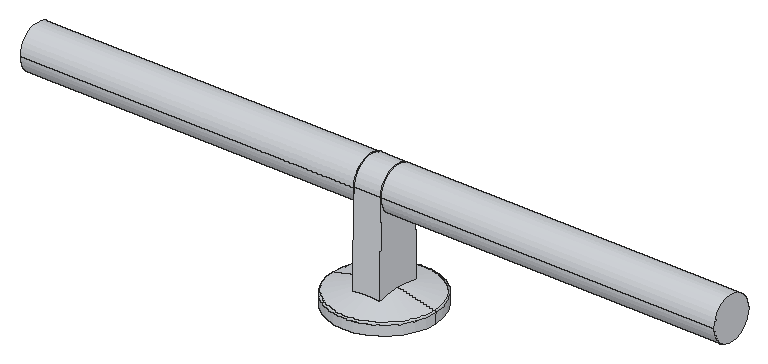
Revit family "Accessory-Towel_Arm-KOHLER-Components-K-78379", category Specialty Equipment, host Face, Revit 2015
Parameters (values of type "CP-Polished Chrome")
  Width = 2 3/8"  # constant formula
  URL = "https://www.us.kohler.com/us/"
  Type = 1
  Product Page URL = "http://www.us.kohler.com/us/catalog/productDetails.jsp?productNumber=78379"
  Product Name = "Components"  # constant formula
  Product Documentation Link = "http://www.us.kohler.com/onlinecatalog/pdf/K-78379_spec.pdf"
  Model = if(Type = 1, "K-78379-CP", if(Type = 2, "K-78379-BN", if(Type = 3, "K-78379-BL", if(Type = 4, "K-78379-TT", "NA"))))  # "K-78379-CP"
  Material = "Premium Metal Construction"  # constant formula
  MasterFormat 2004 = "10.28.13"  # constant formula
  MasterFormat 1995 = "10820"  # constant formula
  Manufacturer Address = "444 Highland Dr, Kohler, WI 53044"  # constant formula
  Manufacturer = "KOHLER Co."  # constant formula
  Length = 16"  # constant formula
  Height = 3"  # constant formula
  Finish = Kohler-Metal-CP-Polished_Chrome
  Environmental Product Declaration = ""
  Description = "Double Towel Arm"  # constant formula
  Default Elevation = 42"
  Declare Label = ""
  Date Modified = "07/11/2018"  # constant formula
  Date Created = "07/11/2018"  # constant formula
  Copyright = "Copyright KOHLER Co."  # constant formula
  Contact Us = "https://www.us.kohler.com/us/static/contact.jsp"
  Assembly Code = "C1030200"
  ADA Compliant = 1 = 0  # no
Types (4): name | Type | Model | Finish
  (no name) | 1 | "K-78379-CP" | Kohler-Metal-CP-Polished_Chrome
  CP-Polished Chrome | 1 | "K-78379-CP" | Kohler-Metal-CP-Polished_Chrome
  BL-Matte Black | 3 | "K-78379-BL" | Kohler-Metal-BL-Matte_Black
  TT-Titanium | 4 | "K-78379-TT" | Kohler-Metal-TT-Vibrant_Titanium
Reference planes (in)
  plane 1 "Center (Front/Back)": y = 0
  plane 2: z = 0
  plane 3 "Center (Left/Right)": x = 0
  plane 4: x = -8
  plane 5: x = 8
  plane 6: y = 1.1875
  plane 7: y = -1.1875
  plane 8: z = 3
Dimensions and locks (in)
  "Width": plane 6 to plane 7
  "Height": plane 8 to level
  equal spacing: plane 4, plane 3 "Center (Left/Right)", plane 5
  "Length": plane 4 to plane 5
  aligned and locked: plane 2 to host face
  aligned and locked: level to host face
Automatic sketch dimensions
  host sketch curve to host sketch curve = 96"  (x2)
Nested families (in)
  nested 1: "K-78379" at (0, 0, 0), type "K-78379"
Definition of nested family "K-78379"
  Parameters (values of type "K-78379")
    Material = none
    Length = 9"
  Reference planes (in)
    plane 1 "Center (Front/Back)": y = 0
    plane 2: z = 0
    plane 3 "Center (Left/Right)": x = 0
    plane 4: x = -8
    plane 5: y = 1.1875
    plane 6: z = 3
    plane 7: y = -1.1875
    plane 8: x = 8
  Forms (in)
    Revolve 1, solid, material <- "Material", detail levels medium+fine
      sketch origin (0, 0, 0) x (-1, 0, 0) y (0, 0, 1)
        loop
          line (-1.1875, 0) -> (0, 0) -> (0, 0.54137) -> (-1.15723, 0.26168)
          arc (-1.15723, 0.26168) -> (-1.17902, 0.24769) -> (-1.1875, 0.22322) r 0.03957
          line (-1.1875, 0.22322) -> (-1.1875, 0)
        axis (0, 0.54137) -> (0, 0)
      angle from 0 to 360
    Extrusion 2, solid, material <- "Material"
      sketch origin (0, 0, 0) x (0, 1, 0) y (0, 0, 1)
        loop
          arc (0.49314, 2.51563) -> (0, 3.00024) -> (-0.49314, 2.51563) r 0.49321
          line (-0.49314, 2.51563) -> (-0.53038, 0.31966) -> (0.53038, 0.31966) -> (0.49314, 2.51563)
      from -0.30906 to 0.30906
    Extrusion 3, solid, material <- "Material"
      sketch origin (0, 0, 0) x (0, 1, 0) y (0, 0, 1)
        loop
          circle (0, 2.50702) r 0.49321
      from -8 to -0.30906
    Extrusion 4, solid, material <- "Material", detail levels coarse
      sketch origin (0, 0, 0) x (1, 0, 0) y (0, 1, 0)
        loop
          circle (0, 0) r 1.1875
      from 0 to 0.44658
    Extrusion 5, solid, material <- "Material"
      sketch origin (0, 0, 0) x (0, 1, 0) y (0, 0, -1)
        loop
          circle (0, -2.50702) r 0.49321
      from -8 to -0.30906
  Lines and regions (in)
    Masking region 1
      outline origin (0, 0, 0) x (0, 1, 0) y (0, 0, 1)
        loop
          line (0.52873, 0.41382) -> (0.49313, 2.5163)
          arc (0.49313, 2.5163) -> (0, 3.00089) -> (-0.49313, 2.5163) r 0.4932
          line (-0.49313, 2.5163) -> (-0.52873, 0.41382) -> (-1.15899, 0.26168)
          arc (-1.15899, 0.26168) -> (-1.17952, 0.24851) -> (-1.1875, 0.22546) r 0.03726
          line (-1.1875, 0.22546) -> (-1.1875, 0) -> (1.1875, 0) -> (1.1875, 0.22546)
          arc (1.1875, 0.22546) -> (1.17952, 0.24851) -> (1.15899, 0.26168) r 0.03726
          line (1.15899, 0.26168) -> (0.52873, 0.41382)
    Masking region 2
      outline origin (0, 0, 0) x (1, 0, 0) y (0, 0, 1)
        loop
          line (1.1875, 0) -> (1.1875, 0.22322)
          arc (1.1875, 0.22322) -> (1.17902, 0.24769) -> (1.15723, 0.26168) r 0.03957
          line (1.15723, 0.26168) -> (0.30906, 0.46667) -> (0.30906, 2) -> (8, 2) -> (8, 3) -> (-8, 3) -> (-8, 2) -> (-0.30906, 2) -> (-0.30906, 0.46667) -> (-1.15723, 0.26168)
          arc (-1.15723, 0.26168) -> (-1.17902, 0.24769) -> (-1.1875, 0.22322) r 0.03957
          line (-1.1875, 0.22322) -> (-1.1875, 0) -> (1.1875, 0)
    Masking region 3
      outline origin (0, 0, 0) x (1, 0, 0) y (0, 1, 0)
        loop
          arc (-1.08023, -0.49321) -> (0, -1.1875) -> (1.08023, -0.49321) r 1.1875
          line (1.08023, -0.49321) -> (8, -0.49321) -> (8, 0.49314) -> (1.08026, 0.49314)
          arc (1.08026, 0.49314) -> (0, 1.1875) -> (-1.08026, 0.49314) r 1.1875
          line (-1.08026, 0.49314) -> (-8, 0.49314) -> (-8, -0.49321) -> (-1.08023, -0.49321)
    symbolic lines, detail levels medium+fine
      curve 1: arc (0, 0, 0.46667) -> (0, 0.26632, 0.44279) -> (0, 0.52909, 0.39328) r 2.76424
      curve 2: line (0, 0.52909, 0.39328) -> (0, 0.5284, 0.43278)
      curve 3: line (0, -0.52909, 0.39328) -> (0, -0.5284, 0.43278)
      curve 4: arc (0, -0.52909, 0.39328) -> (0, -0.26632, 0.44279) -> (0, 0, 0.46667) r 2.76424
      curve 5: line (-0.30906, 0, 2.01381) -> (-0.30906, 0, 2.50702)
      curve 6: line (-0.30906, 0, 0.46667) -> (0.30906, 0, 0.46667)
      curve 7: line (1, 0.49314, 0) -> (-1, 0.49314, 0)
      curve 8: line (-1, -0.49321, 0) -> (1, -0.49321, 0)
      curve 9: line (-1.08026, 0.49314, 0) -> (-1, 0.49314, 0)
      curve 10: line (-1.08023, -0.49321, 0) -> (-1, -0.49321, 0)
      curve 11: line (-0.69094, 0, 2) -> (-0.69094, 0, 3)
      curve 12: line (0.69094, 0, 2) -> (0.69094, 0, 3)
      curve 13: line (0.30906, 0, 2.01381) -> (0.30906, 0, 2.50702)
      curve 14: line (1.08026, 0.49314, 0) -> (1, 0.49314, 0)
      curve 15: line (1.08023, -0.49321, 0) -> (1, -0.49321, 0)
      curve 16: line (-1, 0.49314, 0) -> (-1, -0.49321, 0)
      curve 17: line (1, 0.49314, 0) -> (1, -0.49321, 0)
      curve 18: circle (0, 0, 2.50702) r 0.49321 normal (1, 0, 0)
  Dimensions and locks (in)
    plane 6 to level = 3"
    Masking region 2 sketch curve to Masking region 2 sketch curve = 2 3/8"
    locked: Masking region 2 sketch curve to Masking region 2 sketch curve at 2.375
    equal spacing: plane 4, plane 3 "Center (Left/Right)", plane 8
    plane 4 to plane 8 = 16"
    aligned and locked: plane 2 to level
    aligned and locked: Extrusion 3 to Extrusion 2
    aligned and locked: Extrusion 4 sketch curve to Masking region 3
    aligned and locked: Masking region 2 sketch curve to plane 4
    aligned and locked: plane 4 to Extrusion 3
  Automatic sketch dimensions
    curve 4 to plane 1 "Center (Front/Back)" = 0"
    plane 1 "Center (Front/Back)" to curve 1 = 0.1135"
    plane 1 "Center (Front/Back)" to curve 3 = 0.52909"
    curve 4 to plane 1 "Center (Front/Back)" = 0.1135"
    curve 2 to plane 1 "Center (Front/Back)" = 0.52909"
    curve 4 to level = 2.29523"
    curve 1 to curve 4 = 0"
    level to curve 2 = 0.39328"
    curve 4 to curve 3 = 0.00069"
    curve 2 to curve 2 = 0.00069"
    curve 2 to curve 2 = 0.0395"
    curve 4 to curve 3 = 0.0395"
    curve 11 to plane 6 = 0"
    curve 12 to plane 6 = 0"
    curve 11 to plane 3 "Center (Left/Right)" = 0.69094"
    curve 5 to plane 3 "Center (Left/Right)" = 0.30906"
    curve 6 to plane 3 "Center (Left/Right)" = 0.30906"
    plane 3 "Center (Left/Right)" to curve 13 = 0.30906"
    plane 3 "Center (Left/Right)" to curve 6 = 0.30906"
    curve 13 to curve 12 = 0.38189"
    curve 5 to plane 6 = 0.49298"
    curve 13 to plane 6 = 0.49298"
    curve 5 to curve 5 = 0.49321"
    curve 12 to curve 13 = 0.50702"
    curve 11 to curve 5 = 0.01381"
    curve 12 to curve 13 = 0.01381"
    level to curve 6 = 0.46667"
    Revolve 1 sketch curve to level = 0"  (x2)
    Revolve 1 sketch curve to plane 3 "Center (Left/Right)" = 0"  (x2)
    Revolve 1 sketch curve to level = 0.22322"
    Revolve 1 sketch curve to plane 3 "Center (Left/Right)" = 1.14793"
    Revolve 1 sketch curve to level = 0.26168"
    Revolve 1 sketch curve to Revolve 1 sketch curve = 0.0093"
    Revolve 1 sketch curve to Revolve 1 sketch curve = 0.54137"
    level to Revolve 1 sketch curve = 0.35774"
    Extrusion 2 sketch curve to plane 1 "Center (Front/Back)" = 0"
    plane 1 "Center (Front/Back)" to Extrusion 2 sketch curve = 0.49314"
    plane 1 "Center (Front/Back)" to Extrusion 2 sketch curve = 0.53038"
    Extrusion 2 sketch curve to plane 6 = 31/64"
    Extrusion 2 sketch curve to plane 1 "Center (Front/Back)" = 0.49314"
    Extrusion 2 sketch curve to plane 1 "Center (Front/Back)" = 0.53038"
    Extrusion 2 sketch curve to plane 6 = 0.49298"
    level to Extrusion 2 sketch curve = 0.31966"
    Extrusion 3 sketch curve to plane 1 "Center (Front/Back)" = 0"
    Extrusion 3 sketch curve to plane 6 = 0.49298"
    Masking region 1 sketch curve to level = 0"
    Masking region 1 sketch curve to plane 7 = 0"
    Masking region 1 sketch curve to plane 1 "Center (Front/Back)" = 0"
    Masking region 1 sketch curve to plane 5 = 0"
    Masking region 1 sketch curve to plane 7 = 0.02851"
    Masking region 1 sketch curve to Masking region 1 sketch curve = 0.00874"
    plane 1 "Center (Front/Back)" to Masking region 1 sketch curve = 0.52873"
    plane 1 "Center (Front/Back)" to Masking region 1 sketch curve = 0.49313"
    Masking region 1 sketch curve to plane 6 = 0.4837"
    Masking region 1 sketch curve to plane 1 "Center (Front/Back)" = 0.49313"
    Masking region 1 sketch curve to plane 1 "Center (Front/Back)" = 0.52873"
    Masking region 1 sketch curve to Masking region 1 sketch curve = 0.03726"
    Masking region 1 sketch curve to plane 5 = 0.02851"
    level to Masking region 1 sketch curve = 0.22546"  (x2)
    level to Masking region 1 sketch curve = 0.41382"  (x2)
    Masking region 1 sketch curve to plane 6 = 0.49231"
    Masking region 2 sketch curve to level = 0"
    Masking region 2 sketch curve to plane 6 = 0"
    Masking region 2 sketch curve to plane 3 "Center (Left/Right)" = 1 3/16"
    level to Masking region 2 sketch curve = 0.26168"  (x2)
    Masking region 2 sketch curve to Masking region 2 sketch curve = 0.03027"
    Masking region 2 sketch curve to Masking region 2 sketch curve = 0.0093"  (x2)
    Masking region 2 sketch curve to Masking region 2 sketch curve = 0.03957"
    level to Masking region 2 sketch curve = 0.46667"  (x2)
    Masking region 2 sketch curve to Masking region 2 sketch curve = 0"
    Extrusion 5 sketch curve to plane 1 "Center (Front/Back)" = 0"
    Extrusion 5 sketch curve to plane 6 = 0.49298"
    Masking region 2 sketch curve to Masking region 2 sketch curve = 1"
    Masking region 2 sketch curve to plane 8 = 0"
    Masking region 2 sketch curve to plane 3 "Center (Left/Right)" = 0.30906"
    plane 3 "Center (Left/Right)" to Masking region 2 sketch curve = 0.30906"
    Masking region 3 sketch curve to Masking region 3 sketch curve = 0"  (x2)
    Masking region 3 sketch curve to plane 4 = 0"
    plane 1 "Center (Front/Back)" to Masking region 3 sketch curve = 0"
    Masking region 3 sketch curve to plane 3 "Center (Left/Right)" = 0"
    Masking region 3 sketch curve to plane 8 = 0"
    Masking region 3 sketch curve to plane 1 "Center (Front/Back)" = 0.49314"  (x2)
    Masking region 3 sketch curve to plane 3 "Center (Left/Right)" = 1.08026"
    Masking region 3 sketch curve to Masking region 3 sketch curve = 0.00003"
    plane 1 "Center (Front/Back)" to Masking region 3 sketch curve = 0.49321"
    plane 3 "Center (Left/Right)" to Masking region 3 sketch curve = 1.08023"
    curve 16 to plane 1 "Center (Front/Back)" = 0.49314"
    curve 16 to plane 3 "Center (Left/Right)" = 1"
    plane 1 "Center (Front/Back)" to curve 8 = 0.49321"
    plane 3 "Center (Left/Right)" to curve 8 = 1"
    curve 10 to curve 8 = 0.08023"
    curve 9 to curve 7 = 0.08026"
    curve 8 to curve 15 = 0.08023"
    curve 7 to curve 14 = 0.08026"
    curve 15 to curve 8 = 0"
    curve 10 to curve 8 = 0"
    curve 9 to curve 7 = 0"
    curve 7 to curve 14 = 0"
    radius of Extrusion 3 sketch curve = 0.49321"
    radius of Extrusion 5 sketch curve = 0.49321"
